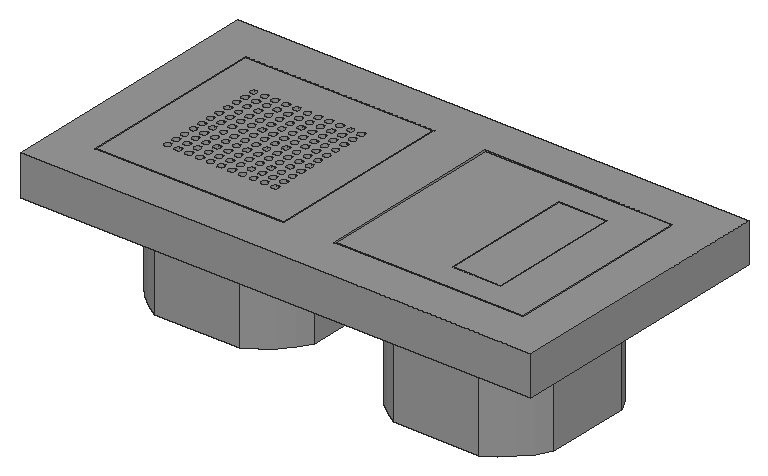
Revit family "Gira_228003", category Electrical Fixtures, host Face, Revit 2017
Family settings
  Host = Face
  Maintain Annotation Orientation = Yes
  Round Connector Dimension = Use Diameter
  Part Type = Normal
  Cut with Voids When Loaded = No
  Shared = No
  Room Calculation Point = No
Parameters (values of type "UP-Radio RDS Lautsprecher System 55 Reinweiß")
  Zusammenstellung = "Basiselement mit Gehäuse-Oberteil"
  Werkstoffgüte = "sonstige"
  Werkstoff = "sonstige"
  URL = "http://katalog.gira.de/de_DE/datenblatt.html?artikelnr=228003"
  Region = "DE"
  RAL-Nummer (ähnlich) = "9010 "
  Oberfläche = "sonstige"
  Name = "UP-Radio RDS Lautsprecher System 55 Reinweiß"
  Montageart = "unter Putz"
  Manufacturer URL = "https://www.gira.de/"
  Keynote = "Sys55_Komplettgerät_UP-Radio"
  HeinzeBIM = "https://bimportal.heinze.de/bim/up-radio-rds-lautsprecher-system-55-reinweiss/c0d199b9f487306862472d0eb99f98b19cba2467"
  Halogenfrei = "Yes"
  HAN = "228003"
  GTIN = "4010337068013"
  Farbe = "weiß"
  Default Elevation = 1219.2 mm
  Data sheet (1) = "https://katalog.gira.de/de_DE/download.html?artikelnr=228003"
  Category = "Elektronik-Gerät für Installationsschalterprogramme"
  Befestigungsart = "Krallen-/Schraubbefestigung"
  Available = "Yes"
  Ausführung der Oberfläche = "glänzend"
  Ausführung = "Radio (*en-EN)"
Reference planes
  plane 1 "Center (Front/Back)": y = 0
  plane 2 "Reference Level 0": z = 0
  plane 3 "Center (Left/Right)": x = 0
  plane 4 "Reference Level 1": z = 11.9
Forms (mm)
  Extrusion 1, solid, material "White", detail levels medium+fine
    sketch origin (0, 0, 0) x (1, 0, 0) y (0, 1, 0)
      loop
        line (-75.892, 40.342) -> (-75.892, -40.342) -> (75.892, -40.342) -> (75.892, 40.342) -> (-75.892, 40.342)
      loop
        line (-7.45, 28.1) -> (-63.65, 28.1) -> (-63.65, -28.1) -> (-7.45, -28.1) -> (-7.45, 28.1)
      loop
        line (7.45, 28.1) -> (7.45, -28.1) -> (63.65, -28.1) -> (63.65, 28.1) -> (7.45, 28.1)
    from 0 to 11.9
  Extrusion 2, solid, material "White", detail levels fine
    sketch origin (0, 0, 0) x (1, 0, 0) y (0, 1, 0)
      loop
        circle (-19.55, 16) r 1
      loop
        circle (-22.75, 16) r 1
      loop
        circle (-25.95, 16) r 1
      loop
        circle (-29.15, 16) r 1
      loop
        circle (-32.35, 16) r 1
      loop
        circle (-35.55, 16) r 1
      loop
        circle (-38.75, 16) r 1
      loop
        circle (-41.95, 16) r 1
      loop
        circle (-45.15, 16) r 1
      loop
        circle (-48.35, 16) r 1
      loop
        circle (-51.55, 16) r 1
      loop
        circle (-19.55, 12.8) r 1
      loop
        circle (-22.75, 12.8) r 1
      loop
        circle (-25.95, 12.8) r 1
      loop
        circle (-29.15, 12.8) r 1
      loop
        circle (-32.35, 12.8) r 1
      loop
        circle (-35.55, 12.8) r 1
      loop
        circle (-38.75, 12.8) r 1
      loop
        circle (-41.95, 12.8) r 1
      loop
        circle (-45.15, 12.8) r 1
      loop
        circle (-48.35, 12.8) r 1
      loop
        circle (-51.55, 12.8) r 1
      loop
        circle (-19.55, 9.6) r 1
      loop
        circle (-22.75, 9.6) r 1
      loop
        circle (-25.95, 9.6) r 1
      loop
        circle (-29.15, 9.6) r 1
      loop
        circle (-32.35, 9.6) r 1
      loop
        circle (-35.55, 9.6) r 1
      loop
        circle (-38.75, 9.6) r 1
      loop
        circle (-41.95, 9.6) r 1
      loop
        circle (-45.15, 9.6) r 1
      loop
        circle (-48.35, 9.6) r 1
      loop
        circle (-51.55, 9.6) r 1
      loop
        circle (-19.55, 6.4) r 1
      loop
        circle (-22.75, 6.4) r 1
      loop
        circle (-25.95, 6.4) r 1
      loop
        circle (-29.15, 6.4) r 1
      loop
        circle (-32.35, 6.4) r 1
      loop
        circle (-35.55, 6.4) r 1
      loop
        circle (-38.75, 6.4) r 1
      loop
        circle (-41.95, 6.4) r 1
      loop
        circle (-45.15, 6.4) r 1
      loop
        circle (-48.35, 6.4) r 1
      loop
        circle (-51.55, 6.4) r 1
      loop
        circle (-19.55, 3.2) r 1
      loop
        circle (-22.75, 3.2) r 1
      loop
        circle (-25.95, 3.2) r 1
      loop
        circle (-29.15, 3.2) r 1
      loop
        circle (-32.35, 3.2) r 1
      loop
        circle (-35.55, 3.2) r 1
      loop
        circle (-38.75, 3.2) r 1
      loop
        circle (-41.95, 3.2) r 1
      loop
        circle (-45.15, 3.2) r 1
      loop
        circle (-48.35, 3.2) r 1
      loop
        circle (-51.55, 3.2) r 1
      loop
        circle (-19.55, 0) r 1
      loop
        circle (-22.75, 0) r 1
      loop
        circle (-25.95, 0) r 1
      loop
        circle (-29.15, 0) r 1
      loop
        circle (-32.35, 0) r 1
      loop
        circle (-35.55, 0) r 1
      loop
        circle (-38.75, 0) r 1
      loop
        circle (-41.95, 0) r 1
      loop
        circle (-45.15, 0) r 1
      loop
        circle (-48.35, 0) r 1
      loop
        circle (-51.55, 0) r 1
      loop
        circle (-19.55, -3.2) r 1
      loop
        circle (-22.75, -3.2) r 1
      loop
        circle (-25.95, -3.2) r 1
      loop
        circle (-29.15, -3.2) r 1
      loop
        circle (-32.35, -3.2) r 1
      loop
        circle (-35.55, -3.2) r 1
      loop
        circle (-38.75, -3.2) r 1
      loop
        circle (-41.95, -3.2) r 1
      loop
        circle (-45.15, -3.2) r 1
      loop
        circle (-48.35, -3.2) r 1
      loop
        circle (-51.55, -3.2) r 1
      loop
        circle (-19.55, -6.4) r 1
      loop
        circle (-22.75, -6.4) r 1
      loop
        circle (-25.95, -6.4) r 1
      loop
        circle (-29.15, -6.4) r 1
      loop
        circle (-32.35, -6.4) r 1
      loop
        circle (-35.55, -6.4) r 1
      loop
        circle (-38.75, -6.4) r 1
      loop
        circle (-41.95, -6.4) r 1
      loop
        circle (-45.15, -6.4) r 1
      loop
        circle (-48.35, -6.4) r 1
      loop
        circle (-51.55, -6.4) r 1
      loop
        circle (-19.55, -9.6) r 1
      loop
        circle (-22.75, -9.6) r 1
      loop
        circle (-25.95, -9.6) r 1
      loop
        circle (-29.15, -9.6) r 1
      loop
        circle (-32.35, -9.6) r 1
      loop
        circle (-35.55, -9.6) r 1
      loop
        circle (-38.75, -9.6) r 1
      loop
        circle (-41.95, -9.6) r 1
      loop
        circle (-45.15, -9.6) r 1
      loop
        circle (-48.35, -9.6) r 1
      loop
        circle (-51.55, -9.6) r 1
      loop
        circle (-19.55, -12.8) r 1
      loop
        circle (-22.75, -12.8) r 1
      loop
        circle (-25.95, -12.8) r 1
      loop
        circle (-29.15, -12.8) r 1
      loop
        circle (-32.35, -12.8) r 1
      loop
        circle (-35.55, -12.8) r 1
      loop
        circle (-38.75, -12.8) r 1
      loop
        circle (-41.95, -12.8) r 1
      loop
        circle (-45.15, -12.8) r 1
      loop
        circle (-48.35, -12.8) r 1
      loop
        circle (-51.55, -12.8) r 1
      loop
        circle (-19.55, -16) r 1
      loop
        circle (-22.75, -16) r 1
      loop
        circle (-25.95, -16) r 1
      loop
        circle (-29.15, -16) r 1
      loop
        circle (-32.35, -16) r 1
      loop
        circle (-35.55, -16) r 1
      loop
        circle (-38.75, -16) r 1
      loop
        circle (-41.95, -16) r 1
      loop
        circle (-45.15, -16) r 1
      loop
        circle (-48.35, -16) r 1
      loop
        circle (-51.55, -16) r 1
      loop
        line (-63.25, 27.7) -> (-63.25, -27.7) -> (-7.85, -27.7) -> (-7.85, 27.7) -> (-63.25, 27.7)
    from 0 to 11.9
  Extrusion 3, solid, material "White", detail levels fine
    sketch origin (0, 0, 0) x (1, 0, 0) y (0, 1, 0)
      loop
        line (7.95, 27.7) -> (7.95, -27.7) -> (63.35, -27.7) -> (63.35, 27.7) -> (7.95, 27.7)
      loop
        line (35.999, -19.679) -> (50.301, -19.679) -> (50.229, 19.679) -> (36.071, 19.679) -> (35.999, -19.679)
    from 0 to 11.9
  Extrusion 4, solid, material "White", detail levels fine
    sketch origin (0, 0, 0) x (1, 0, 0) y (0, 1, 0)
      loop
        line (35.999, -19.679) -> (50.301, -19.679) -> (50.229, 19.679) -> (36.071, 19.679) -> (35.999, -19.679)
    from 0 to 11.9
  Extrusion 5, solid, material "White", detail levels medium
    sketch origin (0, 0, 0) x (1, 0, 0) y (0, 1, 0)
      loop
        line (-63.65, 28.1) -> (-63.65, -28.1) -> (-7.45, -28.1) -> (-7.45, 28.1) -> (-63.65, 28.1)
    from 0 to 11.9
  Extrusion 6, solid, material "White", detail levels medium
    sketch origin (0, 0, 0) x (1, 0, 0) y (0, 1, 0)
      loop
        line (7.45, 28.1) -> (7.45, -28.1) -> (63.65, -28.1) -> (63.65, 28.1) -> (7.45, 28.1)
    from 0 to 11.9
  Extrusion 7, solid, material "Grey", detail levels fine
    sketch origin (0, 0, 0) x (1, 0, 0) y (0, 1, 0)
      loop
        arc (10.55, -12.61) -> (15.751, -19.799) -> (22.94, -25) r 28
        line (22.94, -25) -> (48.16, -25)
        arc (48.16, -25) -> (55.349, -19.799) -> (60.55, -12.61) r 28
        line (60.55, -12.61) -> (60.55, 12.61)
        arc (60.55, 12.61) -> (55.349, 19.799) -> (48.16, 25) r 28
        line (48.16, 25) -> (22.94, 25)
        arc (22.94, 25) -> (15.751, 19.799) -> (10.55, 12.61) r 28
        line (10.55, 12.61) -> (10.55, -12.61)
    from 0 to -31.7
  Extrusion 8, solid, material "Grey", detail levels fine
    sketch origin (0, 0, 0) x (-1, 0, 0) y (0, -1, 0)
      loop
        line (10.55, 12.61) -> (10.55, -12.61)
        arc (10.55, -12.61) -> (15.751, -19.799) -> (22.94, -25) r 28
        line (22.94, -25) -> (48.16, -25)
        arc (48.16, -25) -> (55.349, -19.799) -> (60.55, -12.61) r 28
        line (60.55, -12.61) -> (60.55, 12.61)
        arc (60.55, 12.61) -> (55.349, 19.799) -> (48.16, 25) r 28
        line (48.16, 25) -> (22.94, 25)
        arc (22.94, 25) -> (15.751, 19.799) -> (10.55, 12.61) r 28
    from 0 to -28
  Extrusion 9, solid, detail levels medium
    sketch origin (0, 0, 0) x (-1, 0, 0) y (0, -1, 0)
      loop
        line (10.55, 25) -> (10.55, -25) -> (60.55, -25) -> (60.55, 25) -> (10.55, 25)
    from 0 to -28
  Extrusion 10, solid, detail levels medium
    sketch origin (0, 0, 0) x (1, 0, 0) y (0, 1, 0)
      loop
        line (10.55, -25) -> (60.55, -25) -> (60.55, 25) -> (10.55, 25) -> (10.55, -25)
    from 0 to -31.7
  Extrusion 11, solid, material "Grey", detail levels coarse
    sketch origin (0, 0, 0) x (1, 0, 0) y (0, 1, 0)
      loop
        line (-75.892, 40.342) -> (-75.892, -40.342) -> (75.892, -40.342) -> (75.892, 40.342) -> (-75.892, 40.342)
    from -31.7 to 11.9
Cuts and joins
  joined: Extrusion 7, Extrusion 8
  joined: Extrusion 9, Extrusion 10
Dimensions and locks
  aligned and locked: plane 2 "Reference Level 0" to host face
  aligned and locked: level to host face
Nested families
  nested 1: "Radio Beschriftung" at (0, 0, 0) x (0, 1, 0) z (0, 0, 1), type "Radio Beschriftung"
Connectors
  electrical at (-35.55, 0, -28)
    settings: on cut or joined group of Extrusion 7, Extrusion 8, index 1, voltage 220 V, apparent load 0 VA, apparent load phase1 0 VA, apparent load phase2 0 VA, apparent load phase3 0 VA, power factor 1, load classification "Other", number of poles 1, system type 31, power factor state 1, is connector primary yes, connector utility no, sub classification motor no, connector description ""
Definition of nested family "Radio Beschriftung"
  Reference planes
    plane 1: y = 0
    plane 2: x = 0
  Lines and regions (mm)
    detail lines
      curve 1: line (0, 1, 0) -> (3, 1, 0)
      curve 2: line (0, -1, 0) -> (0, 1, 0)
      curve 3: line (3, -1, 0) -> (0, -1, 0)
      curve 4: line (3, 1, 0) -> (3, -1, 0)
      curve 5: line (2, 1, 0) -> (2, -1, 0)
      curve 6: line (3, 1, 0) -> (2, 0.49, 0)
      curve 7: line (3, -1, 0) -> (2, -0.49, 0)
  Dimensions and locks
    curve 2 to curve 4 = 3 mm
    curve 3 to curve 1 = 2 mm
